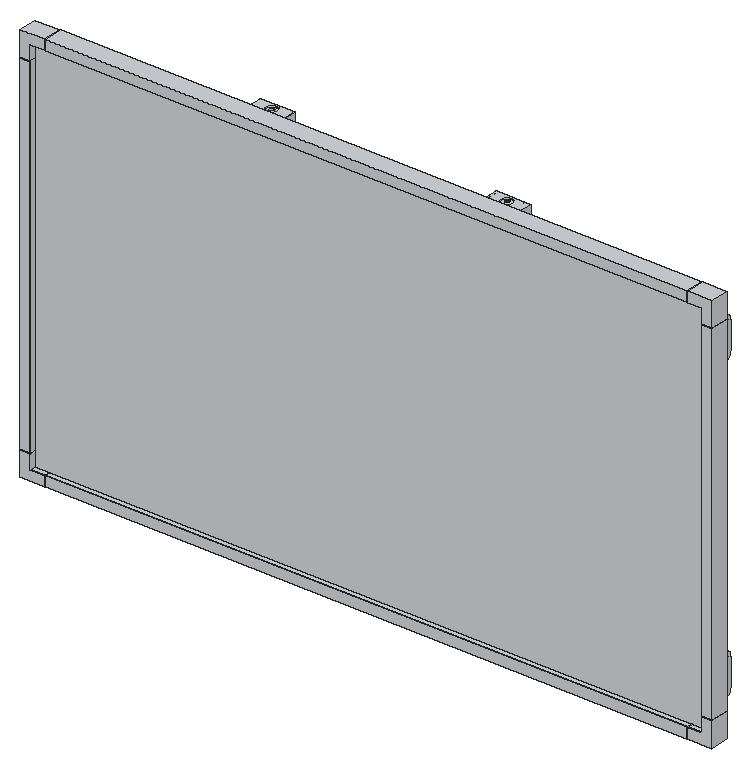
Revit family "E705", category Generic Models, Revit 2012 (continued)
Automatic sketch dimensions
  Extrusion 31 sketch curve to Extrusion 31 sketch curve = 2.47618"
  Extrusion 31 sketch curve to Extrusion 31 sketch curve = 0.03025"
  Extrusion 31 sketch curve to Extrusion 31 sketch curve = 0.45088"
  Extrusion 32 sketch curve to plane 1 "Center (Front/Back)" = 0.06639"  (x2)
  Extrusion 32 sketch curve to plane 1 "Center (Front/Back)" = 0.1245"
  Extrusion 32 sketch curve to Extrusion 32 sketch curve = 0.05812"
  Extrusion 32 sketch curve to plane 1 "Center (Front/Back)" = 0.74173"  (x2)
  Extrusion 32 sketch curve to Extrusion 32 sketch curve = 0.01496"  (x2)
  Extrusion 32 sketch curve to Extrusion 32 sketch curve = 0.00249"  (x2)
  Extrusion 32 sketch curve to Extrusion 32 sketch curve = 0.13487"  (x2)
  Extrusion 32 sketch curve to Extrusion 32 sketch curve = 0.38504"  (x2)
  Extrusion 32 sketch curve to Extrusion 32 sketch curve = 0.31496"  (x2)
  level to Extrusion 32 sketch curve = 1.94094"
  Extrusion 32 sketch curve to Extrusion 32 sketch curve = 0.46936"
  Extrusion 32 sketch curve to Extrusion 32 sketch curve = 0.15399"
  Extrusion 32 sketch curve to Extrusion 32 sketch curve = 0.42365"  (x2)
  Extrusion 32 sketch curve to Extrusion 32 sketch curve = 0.2999"
  Extrusion 32 sketch curve to Extrusion 32 sketch curve = 0.00"  (x2)
  Extrusion 32 sketch curve to Extrusion 32 sketch curve = 0.01313"  (x3)
  Extrusion 32 sketch curve to Extrusion 32 sketch curve = 2.47618"
  Extrusion 32 sketch curve to Extrusion 32 sketch curve = 0.03025"
  Extrusion 32 sketch curve to Extrusion 32 sketch curve = 0.45088"
  Extrusion 7 to curve 2 = 2.83069"
  curve 1 to curve 2 = 0.00"
  curve 2 to curve 2 = 0.17716"
  curve 2 to curve 3 = 0.01968"  (x2)
  Extrusion 7 to curve 3 = 9.90546"
  curve 3 to curve 2 = 0.17716"
  curve 4 to curve 3 = 0.00"
  curve 6 to curve 2 = 1.22047"
  curve 5 to curve 6 = 0.00"
  curve 7 to curve 6 = 0.17716"  (x2)
  curve 5 to curve 6 = 0.01968"
  curve 7 to curve 2 = 0.17716"
  curve 6 to curve 5 = 0.01968"
  curve 8 to curve 7 = 0.00"
  curve 7 to curve 9 = 0.00"
  curve 9 to curve 10 = 0.17716"
  curve 9 to curve 7 = 0.51181"
  curve 10 to curve 9 = 0.17716"
  curve 11 to curve 9 = 0.01968"
  curve 10 to curve 11 = 0.00"
  curve 11 to curve 10 = 0.01968"
  curve 12 to curve 9 = 0.00"
  curve 13 to curve 4 = 0.17716"
  curve 13 to curve 14 = 0.00"
  curve 13 to curve 15 = 0.17716"  (x2)
  curve 13 to curve 14 = 0.01968"
  curve 14 to curve 4 = 0.70866"
  curve 14 to curve 15 = 0.01968"
  curve 16 to curve 15 = 0.00"
  curve 14 to curve 18 = 0.00"
  curve 17 to curve 18 = 0.00"
  curve 18 to curve 19 = 0.17716"
  curve 18 to curve 17 = 0.01968"
  curve 17 to curve 14 = 0.15748"
  curve 19 to curve 17 = 0.01968"
  curve 19 to curve 18 = 0.17716"
  curve 20 to curve 19 = 0.00"
  curve 22 to curve 11 = 2.16534"
  curve 21 to curve 22 = 0.00"
  curve 23 to curve 22 = 0.17716"  (x2)
  curve 21 to curve 22 = 0.01968"
  curve 23 to curve 11 = 0.35433"
  curve 22 to curve 21 = 0.01968"
  curve 24 to curve 23 = 0.00"
  Extrusion 7 to curve 27 = 2.83069"
  curve 27 to curve 26 = 0.17716"  (x2)
  curve 26 to curve 25 = 0.01968"
  Extrusion 7 to curve 26 = 3.68502"
  curve 25 to curve 26 = 0.00"
  curve 25 to curve 26 = 0.01968"
  curve 27 to curve 28 = 0.00"
  curve 28 to curve 29 = 0.00"
  curve 29 to curve 30 = 0.00"
  curve 30 to curve 25 = 0.01968"
  curve 30 to curve 29 = 0.01968"  (x2)
  curve 29 to curve 28 = 0.11811"
  curve 31 to curve 30 = 0.17716"
  curve 32 to curve 31 = 0.00"
  curve 36 to curve 28 = 3.77951"
  curve 36 to curve 35 = 0.01968"
  curve 35 to curve 35 = 0.17716"
  curve 35 to curve 36 = 0.00"
  curve 36 to curve 33 = 1.59448"
  curve 33 to curve 34 = 0.00"  (x2)
  curve 34 to curve 34 = 0.19685"
  curve 34 to curve 30 = 0.00"
  curve 34 to curve 33 = 0.01968"
  curve 33 to curve 36 = 0.11811"
  curve 36 to curve 37 = 0.01968"
  curve 35 to curve 37 = 0.17716"
  curve 38 to curve 37 = 0.00"
  Extrusion 8 to curve 40 = 0.68159"
  curve 40 to Extrusion 8 = 16.65346"
  curve 40 to curve 40 = 0.19685"
  curve 39 to curve 39 = 5.51178"
  Extrusion 8 to curve 41 = 0.20527"
  Extrusion 8 to curve 42 = 0.00842"
  curve 39 to curve 43 = 0.00"
  curve 44 to curve 44 = 0.19685"
  radius of Extrusion 13 sketch curve = 0.19685"
  radius of Extrusion 14 sketch curve = 0.49212"
  radius of Extrusion 18 sketch curve = 0.19685"
  radius of Extrusion 19 sketch curve = 0.49212"
  radius of Extrusion 21 sketch curve = 0.13779"  (x2)
  radius of Extrusion 23 sketch curve = 0.13779"  (x2)
  radius of Extrusion 24 sketch curve = 0.02953"
  radius of Extrusion 24 sketch curve = 0.12306"  (x8)
  radius of Extrusion 25 sketch curve = 0.15748"  (x26)
  radius of Extrusion 25 sketch curve = 0.1063"  (x26)
  radius of Extrusion 25 sketch curve = 0.07874"  (x26)
